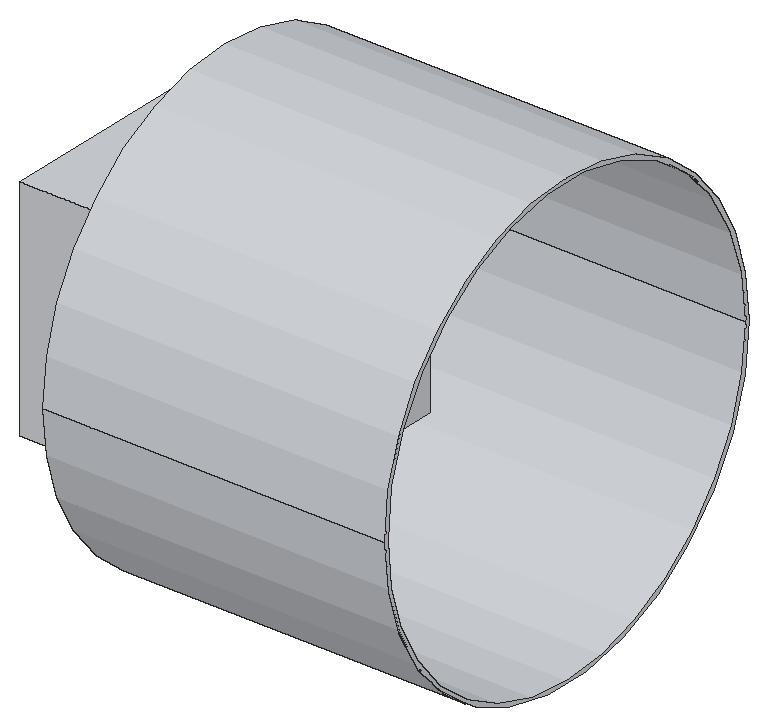
Revit family "DR-WS", category Pipe Accessories, Revit 2021
Family settings
  Round Connector Dimension = Use Diameter
  Part Type = Normal
  Work Plane-Based = Yes
  Always vertical = Yes
  Cut with Voids When Loaded = No
  Shared = No
Parameters
  TS_Point_Number [instance] = GTP_PointNumber_0  # ""
  TS_Point_Description [instance] = "DR-WS"
  Length [instance] = 0' - 1 1/2"
  Inner Diameter [instance] = Diameter - 0' 0 1/32"  # 0' - 1.96718"
  GTP_PointRole_0 [instance] = ""
  GTP_PointNumber_0 [instance] = ""
  GTP_PointElement_0 [instance] = ""
  GTP_LinkedParam_0 [instance] = "GTP_PointNumber_0"
  Diameter [instance] = 0' - 1.99843"
  Default Elevation = 4' - 0"
Reference planes (in)
  plane 1 "Center (Front/Back)": y = 0
  plane 2: z = 0
  plane 3 "Center (Left/Right)": x = 0
  plane 4: x = 1.5
  plane 5: y = 0.98359
  plane 6: y = -0.98359
Forms (in)
  Extrusion 1, solid
    sketch origin (0, 0, 3) x (0, 1, 0) y (0, 0, 1)
      loop
        circle (0, -3) r 0.99922
      loop
        circle (0, -3) r 0.98359
    from 0 to 1.5
Lines and regions (in)
  model lines, style "Drop Wall Sleeve"
    curve 1: line (0, -0.98359, 0) -> (0, 0.98359, 0)
    curve 2: line (0.5, -0.98359, 0) -> (0.5, 0.98359, 0)
    curve 3: line (1, -0.98359, 0) -> (1, 0.98359, 0)
Dimensions and locks (in)
  "Inner Diameter": plane 5 to plane 6
  equal spacing: plane 5, plane 1 "Center (Front/Back)", plane 6
  "Length": plane 3 "Center (Left/Right)" to plane 4
  "Diameter": diameter of Extrusion 1 sketch curve
  "Inner Diameter": diameter of Extrusion 1 sketch curve
  aligned and locked: plane 2 to level
  aligned and locked: plane 4 to Extrusion 1
  aligned and locked: plane 5 to curve 2
  aligned and locked: plane 5 to curve 1
  aligned and locked: Extrusion 1 to plane 3 "Center (Left/Right)"
Automatic sketch dimensions
  curve 3 to curve 3 = 0' - 1.96718"
  curve 3 to plane 4 = 0' - 0 1/2"
  curve 3 to plane 5 = 0' - 0"
  curve 3 to plane 6 = 0' - 0"
  curve 2 to curve 2 = 0' - 1.96718"
  curve 2 to plane 5 = 0' - 0"
  curve 2 to plane 6 = 0' - 0"
  plane 3 "Center (Left/Right)" to curve 2 = 0' - 0 1/2"
  curve 1 to curve 1 = 0' - 1.96718"
  curve 1 to plane 3 "Center (Left/Right)" = 0' - 0"
  curve 1 to plane 6 = 0' - 0"
  curve 1 to plane 5 = 0' - 0"
  Extrusion 1 sketch curve to Extrusion 1 sketch curve = 0' - 0"  (x2)
  Extrusion 1 sketch curve to level = 0' - 0"
  Extrusion 1 sketch curve to plane 1 "Center (Front/Back)" = 0' - 0"
Nested families (in)
  nested 1: "GTP" at (0, 0, 0), PointNumber <- "GTP_PointNumber_0", PointRole <- "GTP_PointRole_0", PointElement <- "GTP_PointElement_0", LinkedParam <- "GTP_LinkedParam_0", PointDescription <- "TS_Point_Description", type "Generic Pt"
    with PointRole "", PointNumber "", PointElement "", PointDescription "DR-WS", LinkedParam "GTP_PointNumber_0"
Definition of nested family "GTP"
  Parameters (values of type "Generic Pt")
    URL = ""
    PointRole [instance] = "Stake Out"
    PointNumber [instance] = ""
    PointElement [instance] = ""
    PointDescription [instance] = "Generic Pt"
    Manufacturer = "Autodesk Inc."
    LinkedParam [instance] = ""
    Default Elevation = 0' - 0"
  Reference planes (in)
    plane 1 "Center (Front/Back)": y = 0
    plane 2: z = 0
    plane 3 "Center (Left/Right)": x = 0
  Forms (in)
    Extrusion 1, solid, detail levels medium+fine
      sketch origin (0, 0, 0) x (1, 0, 0) y (0, 1, 0)
        loop
          line (0.5, -0.5) -> (0.5, 0.5) -> (-0.5, 0.5) -> (-0.5, -0.5) -> (0.5, -0.5)
      from -0.5 to 0.5
  Lines and regions (in)
    model lines, detail levels coarse+medium
      curve 1: line (0, 0.5, 0) -> (0, 0, 0)
      curve 2: line (-0.5, 0, 0) -> (0, 0, 0)
      curve 3: line (0, 0, -0.5) -> (0, 0, 0)
      curve 4: line (0, 0, 0) -> (0.5, 0, 0)
      curve 5: line (0, 0, 0) -> (0, -0.5, 0)
      curve 6: line (0, 0, 0) -> (0, 0, 0.5)
